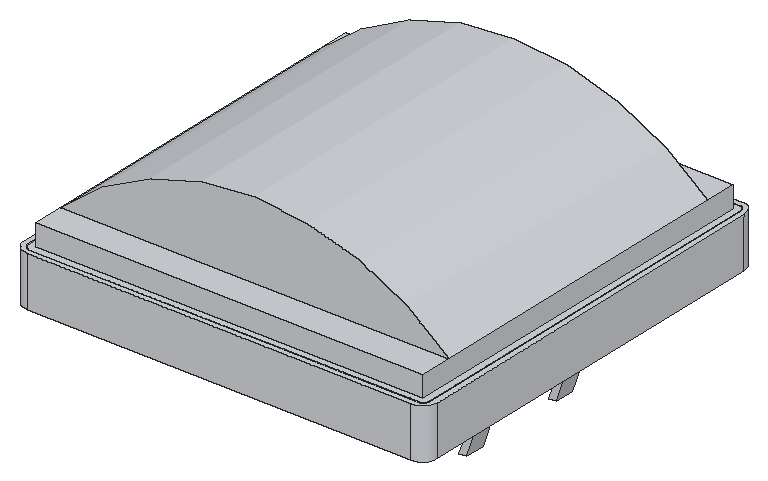
Revit family "Gira_537426", category Electrical Fixtures, host Face, Revit 2017
Family settings
  Host = Face
  Maintain Annotation Orientation = Yes
  Round Connector Dimension = Use Diameter
  Part Type = Normal
  Cut with Voids When Loaded = No
  Shared = No
  Room Calculation Point = No
Parameters (values of type "S3000 motion detec.top 1.10 m Komfort BT System 55 c.alum.")
  URL = "http://katalog.gira.de/en/datenblatt.html?artikelnr=537426"
  Name = "S3000 motion detec.top 1.10 m Komfort BT System 55 c.alum."
  Model = "Movement sensor"
  Manufacturer URL = "https://www.gira.de/"
  Manufacturer = "Gira"
  Keynote = ""
  HeinzeBIM = "https://bimportal.heinze.de/bim/s3000-motion-detec-top-1-10-m-komfort-bt-system-55-c-alum-/ca79a013eef3767f0f9b2a2dec9c9b8c5e0718e9"
  HAN = "537426"
  GTIN = "4010337048992"
  Description = "S3000 mot.det.top 1.10m Kmf BT Sys55 CAl,System 3000 motion detector top unit 1.10 m Komfort BT,System 55,colour aluminium,Features:,- Automatic switching of lighting, depending on the movement of heat and ambient brightness.,- Operation with System 3000 switching or dimming insert or 3-wire auxiliary insert.,- Expansion of the detection range in combination with the 3-wire auxiliary insert.,- When connecting a System 3000 auxiliary insert with an operating top unit or mechanical button to the main unit, the lighting can be switched on or dimmed for the duration of the delay time.,- Device facilitates manual switchover between automatic, always-on and always-off.,With System 3000 switching insert:,- Short-term operation,With System 3000 dimming insert:,- Switch on with the last brightness set, or a saved switch-on brightness.,- The switch-on brightness can only be saved permanently via the System 3000 auxiliary insert with operating top unit.,Functions with the Gira Bluetooth app:,- Set the brightness threshold.,- Individually adjustable sensitivity of the two sensors (0, 25, 50, 75, 100 %).,- Set the delay time.,- Override functions: Automatic mode, permanently on off, time-limited on off for 0.5 to 5 hours.,- Occupied-home simulation.,- Switch-off pre-warning.,- Day mode.,- Walking test.,- Switch on with the last brightness set, or a saved switch-on brightness in combination with a dimming insert.,,Notes :,- The detection range is aligned horizontally and when used outdoors may fail to identify a boundary. When installing outdoors, find an appropriate location or use the 2.20 m motion detector top unit."
  Default Elevation = 1219.2 mm
  Data sheet (1) = "https://katalog.gira.de/en/download.html?artikelnr=537426"
  Category = "Sensor element for movement sensor"
  BIM (1) = "https://media.stage.bim.site/public/gira/36a6b08/Bewegungsmelder_1,10m.rfa"
  Available = "No"
Reference planes
  plane 1 "Center (Front/Back)": y = 0
  plane 2: z = 0
  plane 3 "Center (Left/Right)": x = 0
Forms (mm)
  Extrusion 1, solid, detail levels fine
    sketch origin (0, 0, 0) x (1, 0, 0) y (0, 0, 1)
      loop
        line (-33.025, 12.126) -> (33.025, 12.126)
        arc (33.025, 12.126) -> (0, 25.3) -> (-33.025, 12.126) r 47.982
    from -27.6 to 27.6
  Extrusion 2, solid, detail levels fine
    sketch origin (0, 0, 0) x (1, 0, 0) y (0, 1, 0)
      loop
        line (33.025, 33.025) -> (-33.025, 33.025) -> (-33.025, -33.025) -> (33.025, -33.025) -> (33.025, 33.025)
    from 8.55 to 12.126
  Extrusion 3, solid, detail levels fine
    sketch origin (0, 0, 0) x (1, 0, 0) y (0, 1, 0)
      loop
        spline (-32.7, 35.2) -> (-33.027, 35.179) -> (-33.347, 35.115) -> (-33.657, 35.01) -> (-33.95, 34.865) -> (-34.222, 34.683) -> (-34.468, 34.468) -> (-34.683, 34.222) -> (-34.865, 33.95) -> (-35.01, 33.657) -> (-35.115, 33.347) -> (-35.179, 33.027) -> (-35.2, 32.7)
        line (-35.2, 32.7) -> (-35.2, -32.7)
        spline (-35.2, -32.7) -> (-35.179, -33.027) -> (-35.115, -33.347) -> (-35.01, -33.657) -> (-34.865, -33.95) -> (-34.683, -34.222) -> (-34.468, -34.468) -> (-34.222, -34.683) -> (-33.95, -34.865) -> (-33.657, -35.01) -> (-33.347, -35.115) -> (-33.027, -35.179) -> (-32.7, -35.2)
        line (-32.7, -35.2) -> (32.7, -35.2)
        spline (32.7, -35.2) -> (33.027, -35.179) -> (33.347, -35.115) -> (33.657, -35.01) -> (33.95, -34.865) -> (34.222, -34.683) -> (34.468, -34.468) -> (34.683, -34.222) -> (34.865, -33.95) -> (35.01, -33.657) -> (35.115, -33.347) -> (35.179, -33.027) -> (35.2, -32.7)
        line (35.2, -32.7) -> (35.2, 32.7)
        spline (35.2, 32.7) -> (35.179, 33.027) -> (35.115, 33.347) -> (35.01, 33.657) -> (34.865, 33.95) -> (34.683, 34.222) -> (34.468, 34.468) -> (34.222, 34.683) -> (33.95, 34.865) -> (33.657, 35.01) -> (33.347, 35.115) -> (33.027, 35.179) -> (32.7, 35.2)
        line (32.7, 35.2) -> (-32.7, 35.2)
      loop
        line (-34.2, 33.2) -> (-34.2, -33.2)
        spline (-34.2, -33.2) -> (-34.191, -33.331) -> (-34.166, -33.459) -> (-34.124, -33.583) -> (-34.066, -33.7) -> (-33.993, -33.809) -> (-33.907, -33.907) -> (-33.809, -33.993) -> (-33.7, -34.066) -> (-33.583, -34.124) -> (-33.459, -34.166) -> (-33.331, -34.191) -> (-33.2, -34.2)
        line (-33.2, -34.2) -> (33.2, -34.2)
        spline (33.2, -34.2) -> (33.331, -34.191) -> (33.459, -34.166) -> (33.583, -34.124) -> (33.7, -34.066) -> (33.809, -33.993) -> (33.907, -33.907) -> (33.993, -33.809) -> (34.066, -33.7) -> (34.124, -33.583) -> (34.166, -33.459) -> (34.191, -33.331) -> (34.2, -33.2)
        line (34.2, -33.2) -> (34.2, 33.2)
        spline (34.2, 33.2) -> (34.191, 33.331) -> (34.166, 33.459) -> (34.124, 33.583) -> (34.066, 33.7) -> (33.993, 33.809) -> (33.907, 33.907) -> (33.809, 33.993) -> (33.7, 34.066) -> (33.583, 34.124) -> (33.459, 34.166) -> (33.331, 34.191) -> (33.2, 34.2)
        line (33.2, 34.2) -> (-33.2, 34.2)
        spline (-33.2, 34.2) -> (-33.331, 34.191) -> (-33.459, 34.166) -> (-33.583, 34.124) -> (-33.7, 34.066) -> (-33.809, 33.993) -> (-33.907, 33.907) -> (-33.993, 33.809) -> (-34.066, 33.7) -> (-34.124, 33.583) -> (-34.166, 33.459) -> (-34.191, 33.331) -> (-34.2, 33.2)
    from 0 to 8.55
  Extrusion 4, solid, detail levels fine
    sketch origin (0, 0, 0) x (1, 0, 0) y (0, 1, 0)
      loop
        line (-34.2, 33.2) -> (-34.2, -33.2)
        spline (-34.2, -33.2) -> (-34.191, -33.331) -> (-34.166, -33.459) -> (-34.124, -33.583) -> (-34.066, -33.7) -> (-33.993, -33.809) -> (-33.907, -33.907) -> (-33.809, -33.993) -> (-33.7, -34.066) -> (-33.583, -34.124) -> (-33.459, -34.166) -> (-33.331, -34.191) -> (-33.2, -34.2)
        line (-33.2, -34.2) -> (33.2, -34.2)
        spline (33.2, -34.2) -> (33.331, -34.191) -> (33.459, -34.166) -> (33.583, -34.124) -> (33.7, -34.066) -> (33.809, -33.993) -> (33.907, -33.907) -> (33.993, -33.809) -> (34.066, -33.7) -> (34.124, -33.583) -> (34.166, -33.459) -> (34.191, -33.331) -> (34.2, -33.2)
        line (34.2, -33.2) -> (34.2, 33.2)
        spline (34.2, 33.2) -> (34.191, 33.331) -> (34.166, 33.459) -> (34.124, 33.583) -> (34.066, 33.7) -> (33.993, 33.809) -> (33.907, 33.907) -> (33.809, 33.993) -> (33.7, 34.066) -> (33.583, 34.124) -> (33.459, 34.166) -> (33.331, 34.191) -> (33.2, 34.2)
        line (33.2, 34.2) -> (-33.2, 34.2)
        spline (-33.2, 34.2) -> (-33.331, 34.191) -> (-33.459, 34.166) -> (-33.583, 34.124) -> (-33.7, 34.066) -> (-33.809, 33.993) -> (-33.907, 33.907) -> (-33.993, 33.809) -> (-34.066, 33.7) -> (-34.124, 33.583) -> (-34.166, 33.459) -> (-34.191, 33.331) -> (-34.2, 33.2)
    from 6.175 to 8.55
  Extrusion 5, solid, detail levels fine
    sketch origin (0, 0, 0) x (1, 0, 0) y (0, 1, 0)
      loop
        spline (-27.7, -27.1) -> (-27.696, -27.165) -> (-27.683, -27.229) -> (-27.662, -27.291) -> (-27.633, -27.35) -> (-27.597, -27.404) -> (-27.554, -27.454) -> (-27.504, -27.497) -> (-27.45, -27.533) -> (-27.391, -27.562) -> (-27.329, -27.583) -> (-27.265, -27.596) -> (-27.2, -27.6)
        line (-27.2, -27.6) -> (27.2, -27.6)
        spline (27.2, -27.6) -> (27.265, -27.596) -> (27.329, -27.583) -> (27.391, -27.562) -> (27.45, -27.533) -> (27.504, -27.497) -> (27.554, -27.454) -> (27.597, -27.404) -> (27.633, -27.35) -> (27.662, -27.291) -> (27.683, -27.229) -> (27.696, -27.165) -> (27.7, -27.1)
        line (27.7, -27.1) -> (27.7, 27.1)
        spline (27.7, 27.1) -> (27.696, 27.165) -> (27.683, 27.229) -> (27.662, 27.291) -> (27.633, 27.35) -> (27.597, 27.404) -> (27.554, 27.454) -> (27.504, 27.497) -> (27.45, 27.533) -> (27.391, 27.562) -> (27.329, 27.583) -> (27.265, 27.596) -> (27.2, 27.6)
        line (27.2, 27.6) -> (-27.2, 27.6)
        spline (-27.2, 27.6) -> (-27.265, 27.596) -> (-27.329, 27.583) -> (-27.391, 27.562) -> (-27.45, 27.533) -> (-27.504, 27.497) -> (-27.554, 27.454) -> (-27.597, 27.404) -> (-27.633, 27.35) -> (-27.662, 27.291) -> (-27.683, 27.229) -> (-27.696, 27.165) -> (-27.7, 27.1)
        line (-27.7, 27.1) -> (-27.7, -27.1)
      loop
        line (26.9, 26.8) -> (-26.9, 26.8) -> (-26.9, -26.8) -> (26.9, -26.8) -> (26.9, 26.8)
    from 0 to 6.175
  Extrusion 6, solid, detail levels fine
    sketch origin (0, 0, 0) x (1, 0, 0) y (0, 1, 0)
      loop
        line (-15.4, -23.928) -> (15.4, -23.928)
        arc (15.4, -23.928) -> (21.43, -21.43) -> (23.928, -15.4) r 8.528
        line (23.928, -15.4) -> (23.928, 15.4)
        arc (23.928, 15.4) -> (21.43, 21.43) -> (15.4, 23.928) r 8.528
        line (15.4, 23.928) -> (-15.4, 23.928)
        arc (-15.4, 23.928) -> (-21.43, 21.43) -> (-23.928, 15.4) r 8.528
        line (-23.928, 15.4) -> (-23.928, -15.4)
        arc (-23.928, -15.4) -> (-21.43, -21.43) -> (-15.4, -23.928) r 8.528
    from -0.985 to 1.6
  Extrusion 7, solid, detail levels fine
    sketch origin (0, 0, 0) x (1, 0, 0) y (0, 1, 0)
      loop
        line (-26.35, 18.301) -> (-26.35, -18.801)
        spline (-26.35, -18.801) -> (-26.286, -19.78) -> (-26.095, -20.742) -> (-25.779, -21.671) -> (-25.345, -22.551) -> (-24.8, -23.366) -> (-24.154, -24.104) -> (-23.416, -24.75) -> (-22.601, -25.295) -> (-21.721, -25.729) -> (-20.792, -26.045) -> (-19.83, -26.236) -> (-18.851, -26.3)
        line (-18.851, -26.3) -> (18.851, -26.3)
        spline (18.851, -26.3) -> (19.83, -26.236) -> (20.792, -26.045) -> (21.721, -25.729) -> (22.601, -25.295) -> (23.416, -24.75) -> (24.154, -24.104) -> (24.8, -23.366) -> (25.345, -22.551) -> (25.779, -21.671) -> (26.094, -20.742) -> (26.286, -19.78) -> (26.35, -18.801)
        line (26.35, -18.801) -> (26.35, 18.301)
        spline (26.35, 18.301) -> (26.286, 19.28) -> (26.094, 20.242) -> (25.779, 21.171) -> (25.345, 22.051) -> (24.8, 22.866) -> (24.154, 23.604) -> (23.416, 24.25) -> (22.601, 24.795) -> (21.721, 25.229) -> (20.792, 25.545) -> (19.83, 25.736) -> (18.851, 25.8)
        line (18.851, 25.8) -> (-18.851, 25.8)
        spline (-18.851, 25.8) -> (-19.83, 25.736) -> (-20.792, 25.545) -> (-21.721, 25.229) -> (-22.601, 24.795) -> (-23.416, 24.25) -> (-24.154, 23.604) -> (-24.8, 22.866) -> (-25.345, 22.051) -> (-25.779, 21.171) -> (-26.095, 20.242) -> (-26.286, 19.28) -> (-26.35, 18.301)
    from 1.6 to 6.1
  Extrusion 8, solid, detail levels fine
    sketch origin (0, 0, 0) x (1, 0, 0) y (0, 0, 1)
      loop
        line (-23.048, -13.343) -> (-21.665, -13.513) -> (-24.338, -6.363) -> (-23.36, 1.6) -> (-25.023, 1.6) -> (-24.975, -1.121) -> (-25.39, -6.541) -> (-23.048, -13.343)
      loop
        line (23.048, -13.343) -> (25.39, -6.541) -> (24.975, -1.121) -> (25.023, 1.6) -> (23.36, 1.6) -> (24.338, -6.363) -> (21.665, -13.513) -> (23.048, -13.343)
    from 7.9 to 11.14
  Extrusion 9, solid, detail levels fine
    sketch origin (0, 0, 0) x (1, 0, 0) y (0, 0, -1)
      loop
        line (-23.048, 13.343) -> (-25.39, 6.541) -> (-24.975, 1.121) -> (-25.023, -1.6) -> (-23.36, -1.6) -> (-24.338, 6.363) -> (-21.665, 13.513) -> (-23.048, 13.343)
      loop
        line (23.048, 13.343) -> (21.665, 13.513) -> (24.338, 6.363) -> (23.36, -1.6) -> (25.023, -1.6) -> (24.975, 1.121) -> (25.39, 6.541) -> (23.048, 13.343)
    from 7.9 to 11.14
  Extrusion 10, solid, detail levels fine
    sketch origin (0, 0, 0) x (1, 0, 0) y (0, 1, 0)
      loop
        line (-5.141, 20.681) -> (-5.141, 15.099)
        spline (-5.141, 15.099) -> (-5.133, 14.968) -> (-5.107, 14.84) -> (-5.065, 14.716) -> (-5.007, 14.599) -> (-4.935, 14.49) -> (-4.849, 14.391) -> (-4.75, 14.305) -> (-4.641, 14.233) -> (-4.524, 14.175) -> (-4.4, 14.133) -> (-4.272, 14.107) -> (-4.141, 14.099)
        line (-4.141, 14.099) -> (4.141, 14.099)
        spline (4.141, 14.099) -> (4.272, 14.107) -> (4.4, 14.133) -> (4.524, 14.175) -> (4.641, 14.233) -> (4.75, 14.305) -> (4.849, 14.391) -> (4.935, 14.49) -> (5.007, 14.599) -> (5.065, 14.716) -> (5.107, 14.84) -> (5.133, 14.968) -> (5.141, 15.099)
        line (5.141, 15.099) -> (5.141, 20.681)
        spline (5.141, 20.681) -> (5.133, 20.812) -> (5.107, 20.94) -> (5.065, 21.064) -> (5.007, 21.181) -> (4.935, 21.29) -> (4.849, 21.389) -> (4.75, 21.475) -> (4.641, 21.547) -> (4.524, 21.605) -> (4.4, 21.647) -> (4.272, 21.673) -> (4.141, 21.681)
        line (4.141, 21.681) -> (-4.141, 21.681)
        spline (-4.141, 21.681) -> (-4.272, 21.673) -> (-4.4, 21.647) -> (-4.524, 21.605) -> (-4.641, 21.547) -> (-4.75, 21.475) -> (-4.849, 21.389) -> (-4.935, 21.29) -> (-5.007, 21.181) -> (-5.065, 21.064) -> (-5.107, 20.94) -> (-5.133, 20.812) -> (-5.141, 20.681)
    from -17.3 to -0.985
  Extrusion 11, solid, detail levels medium
    sketch origin (0, 0, 0) x (1, 0, 0) y (0, 1, 0)
      loop
        line (33.025, 33.025) -> (-33.025, 33.025) -> (-33.025, -33.025) -> (33.025, -33.025) -> (33.025, 33.025)
    from 8.55 to 25.3
  Extrusion 12, solid, detail levels medium
    sketch origin (0, 0, 0) x (1, 0, 0) y (0, 1, 0)
      loop
        line (-35.2, 35.2) -> (-35.2, -35.2) -> (35.2, -35.2) -> (35.2, 35.2) -> (-35.2, 35.2)
    from 0 to 8.55
  Extrusion 13, solid, detail levels medium
    sketch origin (0, 0, 0) x (1, 0, 0) y (0, 0, 1)
      loop
        line (-25.023, 1.6) -> (-25.023, -13.1) -> (-21.665, -13.513) -> (-21.665, 1.6) -> (-25.023, 1.6)
      loop
        line (25.023, 1.6) -> (21.665, 1.6) -> (21.665, -13.513) -> (25.023, -13.1) -> (25.023, 1.6)
    from 8 to 11.14
  Extrusion 14, solid, detail levels medium
    sketch origin (0, 0, 0) x (1, 0, 0) y (0, 0, -1)
      loop
        line (-25.023, -1.6) -> (-21.665, -1.6) -> (-21.665, 13.513) -> (-25.023, 13.1) -> (-25.023, -1.6)
      loop
        line (25.023, -1.6) -> (25.023, 13.1) -> (21.665, 13.513) -> (21.665, -1.6) -> (25.023, -1.6)
    from 8 to 11.14
  Extrusion 15, solid, detail levels medium
    sketch origin (0, 0, 0) x (1, 0, 0) y (0, 1, 0)
      loop
        line (-5.141, 21.681) -> (-5.141, 14.099) -> (5.141, 14.099) -> (5.141, 21.681) -> (-5.141, 21.681)
    from -17.3 to -0.985
  Extrusion 16, solid, detail levels coarse
    sketch origin (0, 0, 0) x (1, 0, 0) y (0, 1, 0)
      loop
        line (-35.2, 35.2) -> (-35.2, -35.2) -> (35.2, -35.2) -> (35.2, 35.2) -> (-35.2, 35.2)
    from -17.3 to 25.3
Dimensions and locks
  aligned and locked: plane 2 to host face
  aligned and locked: level to host face
  aligned and locked: nested 1 to plane 3 "Center (Left/Right)"
  aligned and locked: plane 1 "Center (Front/Back)" to nested 1
Nested families
  nested 1: "Belegungssensor - Bewegung - Aufputz - Beschriftung" at (0, 0, 0) x (0, -1, 0) z (0, 0, 1), type "Belegungssensor - Bewegung - Aufputz - Beschriftung"
Connectors
  electrical at (0, 0, -17.3)
    settings: on Extrusion 16, index 1, voltage 220 V, apparent load 0 VA, apparent load phase1 0 VA, apparent load phase2 0 VA, apparent load phase3 0 VA, power factor 1, load classification "Other", number of poles 1, system type 30, power factor state 1, is connector primary yes, connector utility no, sub classification motor no, connector description ""
Definition of nested family "Belegungssensor - Bewegung - Aufputz - Beschriftung"
  Reference planes
    plane 1: y = 0
    plane 2: x = 0
  Lines and regions (mm)
    Filled region 1, type "Gefüllter Bereich 1"
      outline origin (143.425, -20.712, 0) x (1, 0, 0) y (0, 1, 0)
        loop
          line (-148.697, 21.204) -> (-148.697, 20.409) -> (-147.583, 20.807) -> (-148.697, 21.204)
    Filled region 2, type "Gefüllter Bereich 1"
      outline origin (141.808, 30.001, 0) x (0.939693, 0.34202, 0) y (-0.34202, 0.939693, 0)
        loop
          line (-148.694, 21.203) -> (-148.694, 20.41) -> (-147.583, 20.807) -> (-148.694, 21.203)
    Filled region 3, type "Gefüllter Bereich 1"
      outline origin (141.819, -29.825, 0) x (-0.34202, -0.939693, 0) y (0.939693, -0.34202, 0)
        loop
          line (21.204, -148.697) -> (20.807, -147.583) -> (20.409, -148.697) -> (21.204, -148.697)
    detail lines
      curve 1: line (-1.207, 0.095, 0) -> (-3.486, 1.411, 0)
      curve 2: line (-1.207, 0.095, 0) -> (-3.486, -1.221, 0)
      curve 5: arc (-3.252, 1.752, 0) -> (-3.839, 0.095, 0) -> (-3.252, -1.562, 0) r 2.632
      curve 6: line (-6, 3, 0) -> (0, 3, 0)
      curve 7: line (-6, -3, 0) -> (-6, 3, 0)
      curve 8: line (0, -3, 0) -> (-6, -3, 0)
      curve 9: line (0, 3, 0) -> (0, -3, 0)
    reference lines
      curve 3: line (-1.207, 0.095, 0) -> (-3.616, 2.046, 0)
      curve 4: line (-1.207, 0.095, 0) -> (-3.616, -1.856, 0)
  Dimensions and locks
    curve 1 to curve 1 = 2.632 mm
    curve 2 to curve 2 = 2.632 mm
    curve 6 to curve 8 = 6 mm
    curve 7 to curve 9 = 6 mm
    angle curve 1 to curve 2 = 60.00°
    aligned and locked: curve 6 to curve 7
    aligned and locked: curve 9 to curve 9
